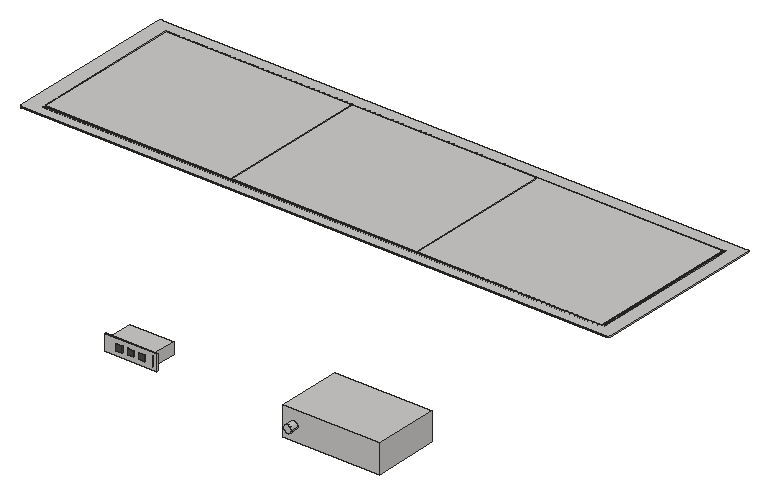
Revit family "QF_ELECTROLUXPROFESSIONAL_341019_D04H6", category Specialty Equipment, Revit 2018
Family settings
  Round Connector Dimension = Use Diameter
  Part Type = Normal
  Work Plane-Based = No
  Always vertical = Yes
  Cut with Voids When Loaded = No
  Shared = No
  Room Calculation Point = No
Parameters (values of type "Standard")
  Weight = 0.00 kg
  Watts = 0 W
  Volts = 220 V
  URL Manufacturer = "http://professional.electrolux.com"
  URL = "http://professional.electrolux.com"
  Steam Supply Size = 0 mm
  Steam Supply Minimum Pressure = 0.0 Pa
  Steam Supply Maximum Pressure = 0.0 Pa
  Steam Pounds per Hour = 0
  Show Clearance [instance] = yes
  Remote Electrical Box_Z [instance] = 200.00 mm
  Remote Electrical Box_Y [instance] = 500.00 mm
  Remote Electrical Box_X [instance] = 1000.00 mm
  Refrigeration Suction Line Size = 0 mm
  Refrigeration Liquid Line Size = 0 mm
  Refrigerant Compressor Remote = yes
  Manufacturer = "Electrolux Professional"
  Phase = 1
  Model = "D04H6"
  Length Actual = 2070.00 mm  # constant formula
  Item Number = "341019"
  Hot Water Size = 0 mm
  Height Actual = 80.00 mm  # constant formula
  HP = "0 HP"
  Gas Size = 0 mm
  Gas KW = 0
  Gas Input Pressure = 0 W
  Direct Waste Size = 0 mm
  Description = "DROP-IN TEMPERED GLASS TOP, 6GN"
  Depth Actual = 620.00 mm  # constant formula
  Cycle = 60 Hz
  Controller_Y [instance] = 500.00 mm
  Controller_1Z [instance] = 200.00 mm
  Controller_1X [instance] = 300.00 mm
  Condensate Return Size = 0 mm
  Compressed Air Volume = 0.0 L/s
  Compressed Air Size = 0 mm
  Compressed Air Pressure = 0.0 Pa
  Cold Water Size = 0 mm
  Accessory = yes
Types (2, lengths in mm): name | Volts | URL Manufacturer | URL | Manufacturer | Phase | Model | Item Number | Description | Cycle
  341019.rfa | 0 V | "" | 0.00 | 0.00 | 0 | 0.00 | "" | 0.00 | 0 Hz
  Standard | 220 V | "http://professional.electrolux.com" | "http://professional.electrolux.com" | "Electrolux Professional" | 1 | "D04H6" | "341019" | "DROP-IN TEMPERED GLASS TOP, 6GN" | 60 Hz
Reference planes
  plane 1 "Centro (Fronte/Retro)": y = 74.737
  plane 2: z = 0
  plane 3 "BACK": y = 384.737
  plane 4 "FRONT": y = -235.263
  plane 5 "RIGHT": x = 520.731
  plane 6 "LEFT": x = -1549.269
  plane 7: x = -514.269
  plane 8 "TOP": z = 900
  plane 9: y = 345.957
  plane 10: y = -196.483
  plane 11: x = -1497.489
  plane 12: x = 468.951
  plane 13: z = 898
  plane 14: z = 822
  plane 15: z = 825
  plane 16: x = 462.731
  plane 17: x = -1491.269
  plane 18: y = 339.737
  plane 19: y = -190.263
  plane 20: x = -515.269
  plane 21: x = -513.269
  plane 22: x = -841.269
  plane 23: x = -839.269
  plane 24: x = -189.269
  plane 25: x = -187.269
  plane 26: x = -1249.269
  plane 27: x = -549.269
  plane 28: y = -115.263
  plane 29: y = -115.263
  plane 30: z = 200
  plane 31: z = 200
Forms (mm)
  Extrusion 1, solid, material "QF_Finishes_Stainless Steel"
    sketch origin (0, 0, 900) x (-1, 0, 0) y (0, -1, 0)
      loop
        arc (1539.269, -384.737) -> (1546.34, -381.808) -> (1549.269, -374.737) r 10
        line (1549.269, -374.737) -> (1549.269, 225.263)
        arc (1549.269, 225.263) -> (1546.34, 232.334) -> (1539.269, 235.263) r 10
        line (1539.269, 235.263) -> (-510.731, 235.263)
        arc (-510.731, 235.263) -> (-517.802, 232.334) -> (-520.731, 225.263) r 10
        line (-520.731, 225.263) -> (-520.731, -374.737)
        arc (-520.731, -374.737) -> (-517.802, -381.808) -> (-510.731, -384.737) r 10
        line (-510.731, -384.737) -> (1539.269, -384.737)
      loop
        line (1497.489, -345.957) -> (1497.489, 196.483) -> (-468.951, 196.483) -> (-468.951, -345.957) -> (1497.489, -345.957)
    from 0 to -2
  Extrusion 2, solid, material "QF_Finishes_Stainless Steel"
    sketch origin (0, 0, 900) x (-1, 0, 0) y (0, -1, 0)
      loop
        line (1497.489, -345.957) -> (1497.489, 196.483) -> (-468.951, 196.483) -> (-468.951, -345.957) -> (1497.489, -345.957)
    from -2 to -78
  Sweep 3, void
    path origin (0, 0, 900) x (-1, 0, 0) y (0, -1, 0)
      loop
        line (1497.489, -345.957) -> (1497.489, 196.483) -> (-468.951, 196.483) -> (-468.951, -345.957) -> (1497.489, -345.957)
    profile origin (-514.269, 345.957, 900) x (0, 1, 0) y (0, 0, 1)
      loop
        line (0, -2) -> (-75, -78.22) -> (0, -78.22) -> (0, -2)
  Extrusion 4, solid, material "QF_Finishes_Stainless Steel"
    sketch origin (0, 0, 900) x (-1, 0, 0) y (0, -1, 0)
      loop
        line (1491.269, -339.737) -> (1491.269, 190.263) -> (841.269, 190.263) -> (841.269, -339.737) -> (1491.269, -339.737)
      loop
        line (187.269, -339.737) -> (187.269, 190.263) -> (-462.731, 190.263) -> (-462.731, -339.737) -> (187.269, -339.737)
      loop
        line (839.269, -339.737) -> (839.269, 190.263) -> (189.269, 190.263) -> (189.269, -339.737) -> (839.269, -339.737)
    from -2 to 0
Cuts and joins
  Sweep 3 cuts Extrusion 2
Lines and regions (mm)
  symbolic lines
    curve 1: line (510.731, 384.737, 900) -> (-1539.269, 384.737, 900)
    curve 2: arc (-1539.269, 384.737, 900) -> (-1546.34, 381.808, 900) -> (-1549.269, 374.737, 900) r 10
    curve 3: line (-1549.269, 374.737, 900) -> (-1549.269, -225.263, 900)
    curve 4: arc (-1549.269, -225.263, 900) -> (-1546.34, -232.334, 900) -> (-1539.269, -235.263, 900) r 10
    curve 5: line (-1539.269, -235.263, 900) -> (510.731, -235.263, 900)
    curve 6: arc (510.731, -235.263, 900) -> (517.802, -232.334, 900) -> (520.731, -225.263, 900) r 10
    curve 7: line (520.731, -225.263, 900) -> (520.731, 374.737, 900)
    curve 8: arc (520.731, 374.737, 900) -> (517.802, 381.808, 900) -> (510.731, 384.737, 900) r 10
    curve 9: line (-1497.489, 345.957, 900) -> (468.951, 345.957, 900)
    curve 10: line (-1497.489, -196.483, 900) -> (-1497.489, 345.957, 900)
    curve 11: line (468.951, -196.483, 900) -> (-1497.489, -196.483, 900)
    curve 12: line (468.951, 345.957, 900) -> (468.951, -196.483, 900)
    curve 13: line (-1491.269, 339.737, 900) -> (-841.269, 339.737, 900)
    curve 14: line (-1491.269, -190.263, 900) -> (-1491.269, 339.737, 900)
    curve 15: line (-841.269, -190.263, 900) -> (-1491.269, -190.263, 900)
    curve 16: line (-841.269, 339.737, 900) -> (-841.269, -190.263, 900)
    curve 17: line (462.731, -190.263, 900) -> (462.731, 339.737, 900)
    curve 18: line (-187.269, -190.263, 900) -> (-187.269, 339.737, 900)
    curve 19: line (-187.269, 339.737, 900) -> (462.731, 339.737, 900)
    curve 20: line (462.731, -190.263, 900) -> (-187.269, -190.263, 900)
    curve 21: line (-839.269, 339.737, 900) -> (-189.269, 339.737, 900)
    curve 22: line (-839.269, -190.263, 900) -> (-839.269, 339.737, 900)
    curve 23: line (-189.269, -190.263, 900) -> (-839.269, -190.263, 900)
    curve 24: line (-189.269, 339.737, 900) -> (-189.269, -190.263, 900)
  symbolic lines, style "SpecialityEquipmentHiddenLines"
    curve 25: line (-1497.489, 345.957, 900) -> (-1422.489, 270.957, 900)
    curve 26: line (-1422.489, -121.483, 900) -> (-1422.489, 270.957, 900)
    curve 27: line (-1497.489, -196.483, 900) -> (-1422.489, -121.483, 900)
    curve 28: line (393.951, -121.483, 900) -> (-1422.489, -121.483, 900)
    curve 29: line (-1422.489, 270.957, 900) -> (393.951, 270.957, 900)
    curve 30: line (393.951, 270.957, 900) -> (468.951, 345.957, 900)
    curve 31: line (468.951, -196.483, 900) -> (393.951, -121.483, 900)
    curve 32: line (394.168, 271.174, 900) -> (394.168, -121.699, 900)
Dimensions and locks
  plane 6 "LEFT" to plane 5 "RIGHT" = 2070.00 mm
  equal spacing: plane 3 "BACK", plane 1 "Centro (Fronte/Retro)", plane 4 "FRONT"
  plane 3 "BACK" to plane 4 "FRONT" = 620.00 mm
  equal spacing: plane 6 "LEFT", plane 7, plane 5 "RIGHT"
  locked: plane 8 "TOP" to plane 2 at 900
  locked: plane 3 "BACK" to plane 9 at 38.78
  locked: plane 10 to plane 4 "FRONT" at 38.78
  plane 6 "LEFT" to plane 11 = 51.78 mm
  plane 12 to plane 5 "RIGHT" = 51.78 mm
  locked: plane 8 "TOP" to plane 13 at 2
  plane 8 "TOP" to plane 14 = 78.00 mm
  locked: plane 15 to plane 14 at 3
  locked: plane 11 to plane 17 at 6.22
  locked: plane 16 to plane 12 at 6.22
  locked: plane 9 to plane 18 at 6.22
  locked: plane 19 to plane 10 at 6.22
  plane 17 to plane 20 to plane 21 to plane 16 = 976.00 mm, 2.00 mm, 976.00 mm
  plane 17 to plane 16 = 1954.00 mm
  Extrusion 4 to Extrusion 4 = 530.00 mm
  "Controller_Y": plane 3 "BACK" to plane 29
  "Remote Electrical Box_Y": plane 3 "BACK" to plane 28
  "Controller_1X": plane 6 "LEFT" to plane 26
  "Remote Electrical Box_X": plane 6 "LEFT" to plane 27
  "Controller_1Z": plane 31 to plane 2
  "Remote Electrical Box_Z": plane 30 to plane 2
  aligned and locked: level to plane 2
  aligned and locked: Extrusion 1 sketch curve to plane 3 "BACK"
  aligned and locked: plane 6 "LEFT" to Extrusion 1 sketch curve
  aligned and locked: plane 4 "FRONT" to Extrusion 1 sketch curve
  aligned and locked: Extrusion 1 sketch curve to plane 5 "RIGHT"
  aligned and locked: Extrusion 1 sketch curve to plane 9
  aligned and locked: plane 11 to Extrusion 1 sketch curve
  aligned and locked: Extrusion 1 sketch curve to plane 10
  aligned and locked: Extrusion 1 sketch curve to plane 12
  aligned and locked: Extrusion 1 to plane 13
  aligned and locked: Extrusion 2 to plane 14
  aligned and locked: Extrusion 2 to Extrusion 1
  aligned and locked: plane 11 to Extrusion 2 sketch curve
  aligned and locked: Extrusion 2 sketch curve to plane 9
  aligned and locked: Extrusion 2 sketch curve to plane 12
  aligned and locked: Extrusion 2 sketch curve to plane 10
  aligned and locked: Sweep 3 sketch curve to Extrusion 1  (x4)
  aligned and locked: Extrusion 4 sketch curve to plane 18
  aligned and locked: plane 17 to Extrusion 4 sketch curve
  aligned and locked: plane 19 to Extrusion 4 sketch curve
  aligned and locked: Extrusion 1 to Extrusion 4
  aligned and locked: plane 8 "TOP" to Extrusion 4
  aligned and locked: plane 25 to Extrusion 4 sketch curve
  aligned and locked: Extrusion 4 sketch curve to plane 22
  aligned and locked: Extrusion 4 sketch curve to curve 21
  aligned and locked: Extrusion 4 sketch curve to curve 22
  aligned and locked: Extrusion 4 sketch curve to curve 23
  aligned and locked: Extrusion 4 sketch curve to curve 24
  aligned and locked: plane 26 to nested 2
  aligned and locked: plane 27 to nested 3
  aligned and locked: plane 28 to nested 3
  aligned and locked: nested 2 to plane 29
  aligned and locked: plane 30 to nested 3
  aligned and locked: plane 31 to nested 2
Automatic sketch dimensions
  Extrusion 1 sketch curve to plane 5 "RIGHT" = 10.00 mm
  Extrusion 1 sketch curve to plane 3 "BACK" = 10.00 mm  (x2)
  Extrusion 1 sketch curve to Extrusion 1 sketch curve = 10.00 mm
  Sweep 3 sketch curve to profile plane = 0.00 mm
  profile plane to Sweep 3 sketch curve = 75.00 mm
  Sweep 3 sketch curve to plane 8 "TOP" = 78.22 mm
  Sweep 3 sketch curve to plane 8 "TOP" = 2.00 mm
  curve 7 to plane 5 "RIGHT" = 0.00 mm
  curve 8 to plane 3 "BACK" = 0.00 mm
  curve 5 to plane 4 "FRONT" = 0.00 mm
  plane 9 to curve 12 = 0.00 mm
  curve 12 to plane 12 = 0.00 mm
  curve 17 to plane 16 = 0.00 mm
  curve 19 to plane 18 = 0.00 mm
  curve 19 to plane 25 = 0.00 mm
  curve 21 to plane 18 = 0.00 mm
  curve 21 to plane 24 = 0.00 mm
  curve 23 to plane 19 = 0.00 mm
  curve 23 to plane 23 = 0.00 mm
  curve 16 to plane 19 = 0.00 mm
  curve 16 to plane 22 = 0.00 mm
  curve 15 to plane 17 = 0.00 mm
  curve 10 to plane 10 = 0.00 mm
  curve 10 to plane 11 = 0.00 mm
  curve 4 to plane 6 "LEFT" = 0.00 mm
  curve 16 to plane 18 = 0.00 mm
  curve 20 to plane 19 = 0.00 mm
  curve 6 to curve 6 = 10.00 mm
  curve 8 to plane 3 "BACK" = 10.00 mm
  curve 2 to plane 3 "BACK" = 10.00 mm
  plane 4 "FRONT" to curve 4 = 10.00 mm
  Extrusion 4 sketch curve to plane 16 = 0.00 mm
  Extrusion 4 sketch curve to plane 18 = 0.00 mm
  Extrusion 4 sketch curve to plane 19 = 0.00 mm
  plane 17 to curve 25 = 68.78 mm
  curve 25 to plane 18 = 68.78 mm
  plane 19 to curve 26 = 68.78 mm
  curve 28 to plane 16 = 68.78 mm
  curve 29 to plane 16 = 68.78 mm
  curve 32 to curve 28 = 0.216 mm
  curve 32 to curve 29 = 0.216 mm
Nested families
  nested 1: "Sun" at (340.731, -45.263, 900), type "Sun"
  nested 2: "Controller" at (-1249.269, -115.263, 200), type "Controller"
  nested 3: "Remote_Electrical_Box" at (-549.269, -0.263, 100), type "Remote_Electrical_Box"
Connectors
  electrical at (-679.269, -142.263, 149.381)
    settings: on nested 3, index 1, voltage 0 V, apparent load 0 VA, apparent load phase1 0 VA, apparent load phase2 0 VA, apparent load phase3 0 VA, power factor 1, load classification "Altro", number of poles 1, system type 14, power factor state 1, is connector primary yes, connector utility no, sub classification motor no, connector description ""
Definition of nested family "Controller"
  Reference planes
    plane 1 "Center (Front/Back)": y = 0
    plane 2: z = 0
    plane 3 "Center (Left/Right)": x = 0
  Forms (mm)
    Extrusion 1, solid
      sketch origin (0, 44.769, -48.2) x (1, 0, 0) y (0, 1, 0)
        loop
          line (-76, 43.231) -> (-76, -47.65) -> (76, -47.65) -> (76, 43.231) -> (-76, 43.231)
      from 6.2 to 48.2
    Extrusion 2, solid
      sketch origin (0, 44.769, -48.2) x (1, 0, 0) y (0, 0, 1)
        loop
          line (-92.25, 54.4) -> (-92.25, 0) -> (92.25, 0) -> (92.25, 54.4) -> (-92.25, 54.4)
        loop
          line (-76, 48.2) -> (-76, 6.2) -> (76, 6.2) -> (76, 48.2) -> (-76, 48.2)
      from 44.769 to 47.65
    Extrusion 3, solid
      sketch origin (76, -2.881, -48.2) x (-1, 0, 0) y (0, 0, -1)
        loop
          line (106, -37.2) -> (126, -37.2) -> (126, -17.2) -> (106, -17.2) -> (106, -37.2)
        loop
          line (66, -37.2) -> (86, -37.2) -> (86, -17.2) -> (66, -17.2) -> (66, -37.2)
        loop
          line (26, -37.2) -> (46, -37.2) -> (46, -17.2) -> (26, -17.2) -> (26, -37.2)
      from 0 to 2
    Extrusion 4, void
      sketch origin (0, 0, 0) x (1, 0, 0) y (0, 1, 0)
        loop
          line (76, 88) -> (-76, 88) -> (-76, 0) -> (76, 0) -> (76, 88)
      from 0 to -42
  Cuts and joins
    Extrusion 4 cuts Extrusion 2
    joined: Extrusion 1, Extrusion 2
  Lines and regions (mm)
    symbolic lines
      curve 1: line (-76, 88, 0) -> (-76, 0, 0)
      curve 2: line (76, 88, 0) -> (-76, 88, 0)
      curve 3: line (76, 0, 0) -> (76, 88, 0)
      curve 4: line (-92.25, -2.881, 0) -> (92.25, -2.881, 0)
      curve 5: line (-92.25, 0, 0) -> (-92.25, -2.881, 0)
      curve 6: line (92.25, 0, 0) -> (-92.25, 0, 0)
      curve 7: line (92.25, -2.881, 0) -> (92.25, 0, 0)
  Dimensions and locks
    aligned and locked: level to plane 2
Definition of nested family "Remote_Electrical_Box"
  Parameters (values of type "Remote_Electrical_Box")
    Default Elevation = 1219.20 mm
  Reference planes
    plane 1 "Center (Front/Back)": y = 0
    plane 2: z = 0
    plane 3 "Center (Left/Right)": x = 0
    plane 4: x = -170
    plane 5: x = 170
    plane 6: y = 115
    plane 7: y = -115
    plane 8: z = 100
    plane 9: z = 50
  Forms (mm)
    Extrusion 1, solid
      sketch origin (0, 0, 0) x (1, 0, 0) y (0, 1, 0)
        loop
          line (-170, 115) -> (-170, -115) -> (170, -115) -> (170, 115) -> (-170, 115)
      from 0 to 100
    Extrusion 2, solid
      sketch origin (0, 0, 0) x (1, 0, 0) y (0, 0, 1)
        loop
          circle (-130, 49.381) r 13
      from 115 to 142
  Lines and regions (mm)
    symbolic lines
      curve 1: line (-170, 115, 0) -> (170, 115, 0)
      curve 2: line (-170, -115, 0) -> (-170, 115, 0)
      curve 3: line (170, -115, 0) -> (-170, -115, 0)
      curve 4: line (170, 115, 0) -> (170, -115, 0)
      curve 5: line (-143, -142, 0) -> (-117, -142, 0)
      curve 6: line (-143, -142, 0) -> (-143, -115, 0)
      curve 7: line (-117, -142, 0) -> (-117, -115, 0)
  Dimensions and locks
    equal spacing: plane 4, plane 3 "Center (Left/Right)", plane 5
    equal spacing: plane 6, plane 1 "Center (Front/Back)", plane 7
    plane 4 to plane 5 = 340.00 mm
    plane 6 to plane 7 = 230.00 mm
    Extrusion 1 to Extrusion 2 sketch curve = 40.00 mm
    equal spacing: plane 8, plane 9, plane 2
    aligned and locked: level to plane 2
    aligned and locked: Extrusion 1 sketch curve to plane 6
    aligned and locked: plane 4 to Extrusion 1 sketch curve
    aligned and locked: plane 7 to Extrusion 1 sketch curve
    aligned and locked: Extrusion 1 sketch curve to plane 5
    aligned and locked: plane 7 to Extrusion 2
    aligned and locked: plane 8 to Extrusion 1
  Automatic sketch dimensions
    level to Extrusion 2 sketch curve = 49.381 mm
    curve 3 to plane 4 = 0.00 mm
    curve 7 to plane 7 = 0.00 mm
    curve 3 to plane 5 = 0.00 mm
    curve 2 to plane 6 = 0.00 mm
    plane 4 to curve 6 = 27.00 mm
    curve 5 to curve 6 = 27.00 mm
    curve 6 to curve 7 = 26.00 mm
    radius of Extrusion 2 sketch curve = 13.00 mm
Definition of nested family "Sun"
  Reference planes
    plane 1 "Center (Front/Back)": y = 0
    plane 2: z = 0
    plane 3 "Center (Left/Right)": x = 0
  Lines and regions (mm)
    detail lines, in view "Ref. Level"
      curve 1: circle (0, 0, 0) r 35 normal (0, 0, 1)
      curve 2: line (-18, 31.177, 0) -> (-30, 51.962, 0)
      curve 3: line (0, 36, 0) -> (0, 60, 0)
      curve 4: line (18, 31.177, 0) -> (30, 51.962, 0)
      curve 5: line (31.177, 18, 0) -> (51.962, 30, 0)
      curve 6: line (36, 0, 0) -> (60, 0, 0)
      curve 7: line (31.177, -18, 0) -> (51.962, -30, 0)
      curve 8: line (18, -31.177, 0) -> (30, -51.962, 0)
      curve 9: line (0, -36, 0) -> (0, -60, 0)
      curve 10: line (-18, -31.177, 0) -> (-30, -51.962, 0)
      curve 11: line (-31.177, -18, 0) -> (-51.962, -30, 0)
      curve 12: line (-36, 0, 0) -> (-60, 0, 0)
      curve 13: line (-31.177, 18, 0) -> (-51.962, 30, 0)
